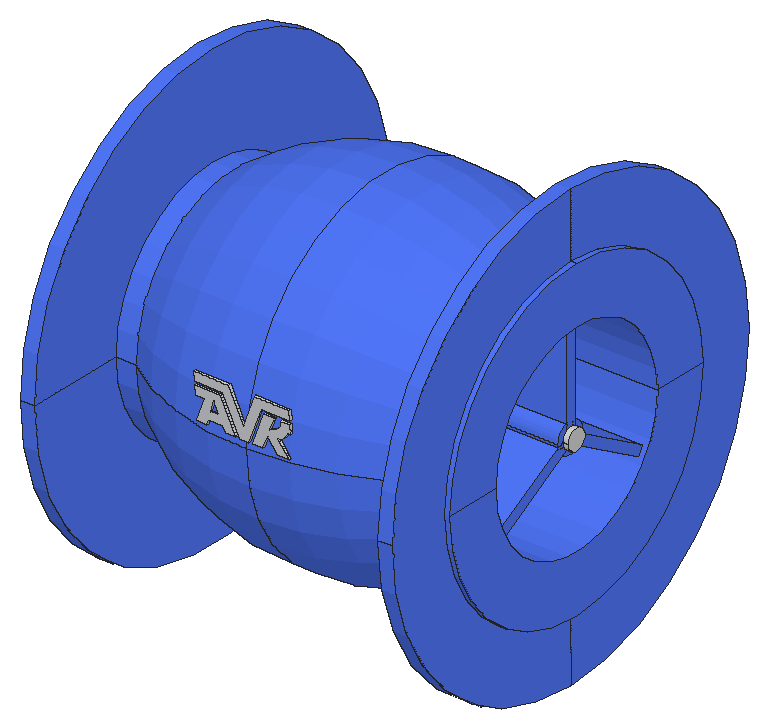
Revit family "876-00-001-DN50-350", category Pipe Accessories, Revit 2019
Family settings
  Round Connector Dimension = Use Diameter
  Part Type = Valve - Breaks Into
  Work Plane-Based = No
  Always vertical = Yes
  Cut with Voids When Loaded = No
  Shared = No
Parameters (values of type "DN100_PN16")
  URL product pages = "https://www.avkvalves.com/P.aspx?no=87600500011102012"
  Search_table = "876-00-001-DN50-350"
  L1 = size_lookup(Search_table, "L1", 0 mm, DN)  # 20 mm
  L = size_lookup(Search_table, "L", 0 mm, DN)  # 190 mm
  ID = DN / 2  # 50 mm
  Flange_thickness_3 = Flange_thickness * 1.5  # 15 mm
  Flange_thickness_2 = Flange_thickness / 2  # 5 mm
  Flange_thickness = size_lookup(Search_table, "Flange_thickness", 0 mm, DN)  # 10 mm
  Description_ = "AVK NOZZLE CHECK VALVE, SINGLE STEM"
  DN = 100 mm
  D2 = size_lookup(Search_table, "D2", 0 mm, DN) / 2  # 78 mm
  D1 = size_lookup(Search_table, "D1", 0 mm, DN)  # 180 mm
  D = size_lookup(Search_table, "D", 0 mm, DN) / 2  # 110 mm
  Bodywall_thickness = ID + 10 mm  # 60 mm
  876-0350-00-11102012 = "DN350_PN16"
  876-0350-00-01102012 = "DN350_PN10"
  876-0300-00-11102012 = "DN300_PN16"
  876-0300-00-01102012 = "DN300_PN10"
  876-0250-00-11102012 = "DN250_PN16"
  876-0250-00-01102012 = "DN250_PN10"
  876-0200-00-11102012 = "DN200_PN16"
  876-0200-00-01102012 = "DN200_PN10"
  876-0150-00-11102012 = "DN150_PN16"
  876-0125-00-11102012 = "DN125_PN16"
  876-0100-00-11102012 = "DN100_PN16"
  876-0080-00-11102012 = "DN80_PN16"
  876-0065-00-11102012 = "DN65_PN16"
  876-0050-00-11102012 = "DN50_PN16"
Types (15, lengths in mm): name | L1 | L | ID | Flange_thickness_3 | Flange_thickness_2 | Flange_thickness | DN | D2 | D1 | D | Bodywall_thickness
  (no name) | 20 | 190 | 50 | 15 | 5 | 10 | 100 | 78 | 180 | 110 | 60
  DN050_PN16 | 8 | 150 | 25 | 15 | 5 | 10 | 50 | 49.5 | 125 | 82.5 | 35
  DN065_PN16 | 15 | 170 | 32.5 | 15 | 5 | 10 | 65 | 59 | 145 | 92.5 | 42.5
  DN080_PN16 | 18 | 180 | 40 | 15 | 5 | 10 | 80 | 66 | 160 | 100 | 50
  DN100_PN16 | 20 | 190 | 50 | 15 | 5 | 10 | 100 | 78 | 180 | 110 | 60
  DN125_PN16 | 21 | 200 | 62.5 | 15 | 5 | 10 | 125 | 92 | 210 | 125 | 72.5
  DN150_PN16 | 25 | 210 | 75 | 15 | 5 | 10 | 150 | 105.5 | 240 | 142.5 | 85
  DN200_PN10 | 30 | 230 | 100 | 22.5 | 7.5 | 15 | 200 | 133 | 295 | 170 | 110
  DN200_PN16 | 30 | 230 | 100.05 | 22.5 | 7.5 | 15 | 200.1 | 133 | 295 | 170 | 110.05
  DN250_PN10 | 40 | 250 | 125 | 22.5 | 7.5 | 15 | 250 | 159.5 | 350 | 197.5 | 135
  DN250_PN16 | 40 | 250 | 125.05 | 22.5 | 7.5 | 15 | 250.1 | 159.5 | 355 | 202.5 | 135.05
  DN300_PN10 | 45 | 270 | 150 | 30 | 10 | 20 | 300 | 185 | 400 | 222.5 | 160
  DN300_PN16 | 45 | 270 | 150.05 | 30 | 10 | 20 | 300.1 | 185 | 410 | 230 | 160.05
  DN350_PN10 | 50 | 290 | 175 | 30 | 10 | 20 | 350 | 214.5 | 460 | 252.5 | 185
  DN350_PN16 | 50 | 290 | 175.05 | 30 | 10 | 20 | 350.1 | 214.5 | 470 | 260 | 185.05
Reference planes
  plane 1 "Center (Front/Back)": y = 0
  plane 2: z = 0
  plane 3 "Center (Left/Right)": x = 0
  plane 4: y = 60
  plane 5: y = 110
  plane 6: y = 85
  plane 7: x = -75
  plane 8: x = 75
  plane 9: through (0, 0, 0) normal (0, -0.5, -0.866)
  plane 10: through (0, 0, 0) normal (0, -0.5, 0.866)
  plane 11: through (0, 0, 0) normal (0, 0.866, -0.5)
  plane 12: through (0, 0, 0) normal (0, 0.866, 0.5)
  plane 13: x = -95
  plane 14: x = 95
  plane 15: x = -115
  plane 16: x = -95
  plane 17: x = 95
  plane 18: z = 110
  plane 19: z = -110
  plane 20: z = 78
  plane 21: z = -78
Forms (mm)
  Revolve 1, solid, material "Plastic"
    sketch origin (0, 0, 0) x (1, 0, 0) y (0, 1, 0)
      loop
        line (-85, 110) -> (-95, 110) -> (-95, 50) -> (95, 50) -> (95, 110) -> (85, 110) -> (85, 60) -> (75, 60)
        arc (75, 60) -> (39.7, 79.101) -> (0, 85) r 115.758
        arc (0, 85) -> (-39.7, 79.101) -> (-75, 60) r 115.758
        line (-75, 60) -> (-85, 60) -> (-85, 110)
      axis (-95, 0) -> (95, 0)
    angle from 0 to 360
  Extrusion 2, solid, material "Plastic"
    sketch origin (0, 0, 0) x (0, 1, 0) y (0, 0, 1)
      loop
        line (2.5, 50) -> (-2.5, 50) -> (-2.5, 1.443) -> (-44.551, -22.835) -> (-42.051, -27.165) -> (0, -2.887) -> (42.051, -27.165) -> (44.551, -22.835) -> (2.5, 1.443) -> (2.5, 50)
    from -92 to 92
  Extrusion 3, solid, material "Stainless Steel AISI 304"
    sketch origin (0, 0, 0) x (0, 1, 0) y (0, 0, 1)
      loop
        circle (0, 0) r 5
    from -115 to 95
  Revolve 4, void
    sketch origin (0, 0, 0) x (1, 0, 0) y (0, 0, 1)
      loop
        line (95, 110) -> (92, 110) -> (92, 78) -> (95, 78) -> (95, 110)
      loop
        line (-95, 110) -> (-95, 78) -> (-92, 78) -> (-92, 110) -> (-95, 110)
      axis (-95, 0) -> (95, 0)
    angle from 0 to 360
  Extrusion 5, solid, material "Plastic"
    sketch origin (0, 0, 0) x (0, 1, 0) y (0, 0, 1)
      loop
        circle (0, 0) r 7.5
    from -92 to 92
Cuts and joins
  Revolve 4 cuts Revolve 1
Dimensions and locks
  "Flange_thickness": Revolve 1 sketch curve to Revolve 1 sketch curve  (x4)
  equal spacing: Revolve 1 sketch curve, plane 3 "Center (Left/Right)", Revolve 1 sketch curve
  "ID": plane 1 "Center (Front/Back)" to Revolve 1 sketch curve
  "L": Revolve 1 sketch curve to Revolve 1 sketch curve
  "Bodywall_thickness": plane 1 "Center (Front/Back)" to plane 4
  "D": plane 1 "Center (Front/Back)" to plane 5
  equal spacing: plane 5, plane 6, plane 4
  equal spacing: Extrusion 2 sketch curve, plane 1 "Center (Front/Back)", Extrusion 2 sketch curve
  equal spacing: Extrusion 2 sketch curve, plane 10, Extrusion 2 sketch curve
  "Flange_thickness_2": Extrusion 2 sketch curve to Extrusion 2 sketch curve  (x3)
  equal spacing: Extrusion 2 sketch curve, plane 9, Extrusion 2 sketch curve
  "ID": Extrusion 2 sketch curve to plane 11
  "ID": plane 12 to Extrusion 2 sketch curve
  "ID": Extrusion 2 sketch curve to level
  equal spacing: plane 14, plane 3 "Center (Left/Right)", plane 13
  "L": plane 14 to plane 13
  "D": Revolve 4 sketch curve to level  (x2)
  "D2": Revolve 4 sketch curve to level  (x2)
  locked: plane 14 to Revolve 4 sketch curve at 3
  locked: Revolve 4 sketch curve to plane 13 at 3
  equal spacing: plane 17, plane 3 "Center (Left/Right)", plane 16
  "L": plane 17 to plane 16
  "L1": plane 16 to plane 15
  equal spacing: plane 18, level, plane 19
  "D": plane 18 to level
  plane 18 to plane 19 = 220 mm
  equal spacing: plane 20, level, plane 21
  "D2": plane 20 to level
  plane 20 to plane 21 = 156 mm
  "Flange_thickness": diameter of Extrusion 3 sketch curve
  "Flange_thickness_3": diameter of Extrusion 5 sketch curve
  locked: plane 1 "Center (Front/Back)" to plane 9 (angle 120.00°)
  locked: plane 10 to plane 1 "Center (Front/Back)" (angle 120.00°)
  locked: plane 9 to plane 10 (angle 120.00°)
  locked: plane 11 to level (angle 60.00°)
  locked: plane 12 to plane 11 (angle 60.00°)
  locked: level to plane 12 (angle 60.00°)
  aligned and locked: level to plane 2
  aligned and locked: Revolve 1 sketch curve to Revolve 1 sketch curve
  aligned and locked: Revolve 1 sketch curve to plane 4
  aligned and locked: plane 4 to Revolve 1 sketch curve  (x3)
  aligned and locked: plane 5 to Revolve 1 sketch curve
  aligned and locked: plane 6 to Revolve 1 sketch curve
  aligned and locked: plane 3 "Center (Left/Right)" to Revolve 1 sketch curve
  aligned and locked: plane 1 "Center (Front/Back)" to Revolve 1 sketch curve
  aligned and locked: Extrusion 3 to Revolve 1
  aligned and locked: plane 13 to Revolve 1
  aligned and locked: plane 14 to Revolve 1
  aligned and locked: plane 13 to Revolve 4 sketch curve
  aligned and locked: Revolve 4 sketch curve to plane 2
  aligned and locked: Extrusion 2 to cut or joined group of Revolve 1, Revolve 4
  aligned and locked: cut or joined group of Revolve 1, Revolve 4 to Extrusion 2
  aligned and locked: Extrusion 2 to Extrusion 5  (x2)
  aligned and locked: plane 15 to Extrusion 3
  aligned and locked: plane 16 to cut or joined group of Revolve 1, Revolve 4
  aligned and locked: plane 17 to cut or joined group of Revolve 1, Revolve 4
  aligned and locked: Revolve 4 sketch curve to cut or joined group of Revolve 1, Revolve 4
Automatic sketch dimensions
  Revolve 1 sketch curve to plane 3 "Center (Left/Right)" = 3.094 mm
  plane 3 "Center (Left/Right)" to Revolve 1 sketch curve = 3.094 mm
  Revolve 1 sketch curve to plane 3 "Center (Left/Right)" = 10 mm
  plane 3 "Center (Left/Right)" to Revolve 1 sketch curve = 15 mm
  Extrusion 3 sketch curve to level = 0 mm
  Extrusion 3 sketch curve to plane 1 "Center (Front/Back)" = 0 mm
  Revolve 4 sketch curve to plane 3 "Center (Left/Right)" = 10 mm
  plane 3 "Center (Left/Right)" to Revolve 4 sketch curve = 10 mm
  Extrusion 5 sketch curve to level = 0 mm
  Extrusion 5 sketch curve to plane 1 "Center (Front/Back)" = 0 mm
Nested families
  nested 1: "LOGO - Copy - Copy.0001" at (0.071, -84.724, -6.862) x (0.9996, -0.0255, -0.0082) z (-0.0261, -0.9964, -0.0807), type "LOGO - Copy - Copy.0001"
Connectors
  piping at (95, 0, 0), diameter 100, driven by "DN"
    settings: on Revolve 1, index 1, connector inside diameter 609.6 mm, connector length 0 mm, flow factor 0, pipe flow 0.0 L/s, pressure drop 0.0 Pa, fitting loss kfactor 0, connector angle 0.00°, fixture units 0, engagement length 0 mm, angle of deflection 0.00°, flow configuration 0, flow direction 0, fitting loss method 0, system type 7, joint type 0, gender type 0, connector reference index -1, connector utility 0, adjustable connector no, is connector primary yes, connector description ""
  piping at (-95, 0, 0), diameter 100, driven by "DN"
    settings: on Revolve 1, index 2, connector inside diameter 609.6 mm, connector length 0 mm, flow factor 0, pipe flow 0.0 L/s, pressure drop 0.0 Pa, fitting loss kfactor 0, connector angle 0.00°, fixture units 0, engagement length 0 mm, angle of deflection 0.00°, flow configuration 0, flow direction 0, fitting loss method 0, system type 7, joint type 0, gender type 0, connector reference index -1, connector utility 0, adjustable connector no, is connector primary no, connector description ""
Definition of nested family "LOGO - Copy - Copy.0001"
  Parameters (values of type "LOGO - Copy - Copy.0001")
    Default Elevation = 1219.2 mm
  Reference planes
    plane 1 "Center (Front/Back)": y = 0
    plane 2: z = 0
    plane 3 "Center (Left/Right)": x = 0
  Forms (mm)
    Extrusion 1, solid
      sketch origin (0, 0, 0) x (1, 0, 0) y (0, 1, 0)
        loop
          line (-1219.2, 1219.2) -> (-1219.2, -1219.2) -> (1219.2, -1219.2) -> (1219.2, 1219.2) -> (-1219.2, 1219.2)
      from 0 to -304.8
    Extrusion 2, solid
      sketch origin (0, 0, 0) x (1, 0, 0) y (0, 1, 0)
        loop
          line (-6.514, 34.224) -> (-24, 34.224) -> (-24, 29.481) -> (-9.766, 29.481) -> (-2.391, 11.367) -> (2.391, 11.367) -> (9.766, 29.481) -> (24, 29.481) -> (24, 34.224) -> (6.514, 34.224) -> (0, 18.224) -> (-6.514, 34.224)
        loop
          line (-10.996, 27.653) -> (-24, 27.653) -> (-24, 23.081) -> (-19.503, 23.081) -> (-24, 11.367) -> (-18.92, 11.367) -> (-17.955, 13.881) -> (-10.51, 13.881) -> (-9.486, 11.367) -> (-4.365, 11.367) -> (-10.996, 27.653)
        loop
          line (-16.777, 18.224) -> (-12.278, 18.224) -> (-14.594, 23.912) -> (-16.777, 18.224)
        loop
          line (4.365, 11.367) -> (9.486, 11.367) -> (12.093, 17.77) -> (16.918, 11.367) -> (22.857, 11.367) -> (17.399, 18.61)
          arc (17.399, 18.61) -> (20.583, 20.18) -> (22.629, 23.081) r 7.2
          line (22.629, 23.081) -> (24, 23.081) -> (24, 27.653) -> (19.429, 27.653)
          arc (19.429, 27.653) -> (17.763, 23.526) -> (13.699, 21.714) r 5.943
          line (13.699, 21.714) -> (16.117, 27.653) -> (10.996, 27.653) -> (4.365, 11.367)
      from 0 to 1
  Dimensions and locks
    aligned and locked: plane 2 to Extrusion 1
    aligned and locked: level to Extrusion 1
    aligned and locked: Extrusion 2 sketch curve to import instance
